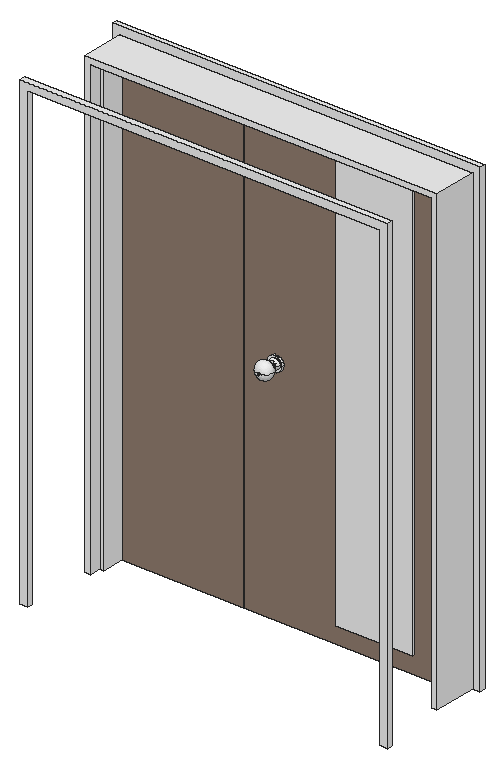
Revit family "0030_M_DR_W_MR_2단방화문_코어용_1도어", category 문, Revit 2026
Family settings
  호스트 = 벽
  항상 수직 = 예
  로드될 때 보이드를 사용하여 절단 = 아니오
  공유 = 아니오
  룸 계산 점 = 아니오
Parameters (values of type "900x2100")
  기능 = 내부
  swing_angle [instance] = 90.00°
  decoration_material = Metal_door_frame
  Seond_door_panel_width = Second_door_width - 25 mm  # 575 mm
  Second_door_width = 600 mm
  Panel_Material = Panel_Door_frame
  Handel_Material = Metal_door_frame
  Frame_material = Metal_door_frame
  Frame Projection Ext. = 25 mm
  Frame Projection Int. = 25 mm
  Frame Width = 35 mm
  높이 = 2100 mm
  벽 마무리 = 호스트별
  폭 = 1600 mm
  Door_Panel_Width = 폭 - (Second_door_width) - 25 mm  # 975 mm
  Assembly Code = ""
Types (3, lengths in mm): name | decoration_material | Panel_Material | Handel_Material | Frame_material | 폭 | Door_Panel_Width
  1000x2100 | none | none | none | none | 1000 | 375
  900x2100 | Metal_door_frame | Panel_Door_frame | Metal_door_frame | Metal_door_frame | 1600 | 975
  1600x2100 | Metal_door_frame | Panel_Door_frame | Metal_door_frame | Metal_door_frame | 1600 | 975
Reference planes
  plane 1: y = 0
  plane 2 "Center (Left/Right)": x = 0
  plane 3 "Left": x = -800
  plane 4 "Right": x = 800
  plane 5: z = 2100
  plane 6 "Exterior": y = 250
  plane 7 "Interior": y = -250
  plane 8 "handle": z = 1050
  plane 9: x = -200
Forms (mm)
  Extrusion 1, solid, material "Metal_door_frame" <- "Frame_material"
    sketch origin (-3050, -250, 0) x (1, 0, 0) y (0, 0, 1)
      loop
        line (2215, 0) -> (2250, 0) -> (2250, 2100) -> (3850, 2100) -> (3850, 0) -> (3885, 0) -> (3885, 2135) -> (2215, 2135) -> (2215, 0)
    from 0 to 25
  Extrusion 2, solid, material "Metal_door_frame" <- "Frame_material"
    sketch origin (-3050, 250, 0) x (-1, 0, 0) y (0, 0, 1)
      loop
        line (-2250, 0) -> (-2215, 0) -> (-2215, 2135) -> (-3885, 2135) -> (-3885, 0) -> (-3850, 0) -> (-3850, 2100) -> (-2250, 2100) -> (-2250, 0)
    from 0 to 25
  Sweep 3, solid, material "Metal_door_frame" <- "Frame_material"
    path origin (0, 250, 0) x (1, 0, 0) y (0, 0, 1)
      loop
        line (800, 0) -> (800, 2100) -> (-800, 2100) -> (-800, 0)
    profile origin (800, 250, 1050) x (-1, 0, 0) y (0, -1, 0)
      loop
        line (45, 50) -> (45, 150) -> (25, 150) -> (25, 200) -> (0, 200) -> (0, 0) -> (25, 0) -> (25, 50) -> (45, 50)
  Extrusion 4, solid, material "Panel_Door_frame" <- "Panel_Material"
    sketch origin (-15, 250, 0) x (1, 0, 0) y (0, 0, 1)
      loop
        line (790, 2075) -> (-185, 2075) -> (-185, 0) -> (790, 0) -> (790, 2075)
    from 0 to 50
  Revolve 5, solid, material "Metal_door_frame" <- "Handel_Material"
    sketch origin (0, 0, 1050) x (1, 0, 0) y (0, 1, 0)
      loop
        line (-82.708, 250) -> (-50, 250) -> (-50, 344.095) -> (-57.578, 344.095) -> (-57.578, 349.095)
        arc (-57.578, 349.095) -> (-87.578, 319.095) -> (-57.578, 289.095) r 30
        line (-57.578, 289.095) -> (-57.578, 274.095) -> (-67.578, 274.095) -> (-72.708, 260) -> (-82.708, 260) -> (-82.708, 250)
      loop
        line (-82.708, 200) -> (-82.708, 190) -> (-72.708, 190) -> (-67.578, 175.905) -> (-57.578, 175.905) -> (-57.578, 160.905)
        arc (-57.578, 160.905) -> (-87.578, 130.905) -> (-57.578, 100.905) r 30
        line (-57.578, 100.905) -> (-57.578, 105.905) -> (-50, 105.905) -> (-50, 200) -> (-82.708, 200)
      axis (-50, 349.095) -> (-50, 100.905)
    angle from 0 to 360
  Extrusion 6, solid, material "Metal_door_frame" <- "decoration_material"
    sketch origin (0, 250, 0) x (1, 0, 0) y (0, 0, 1)
      loop
        line (225, 1995) -> (225, 80) -> (575, 80) -> (575, 1995) -> (225, 1995)
    from 0 to -5
  Extrusion 7, solid, material "Metal_door_frame" <- "decoration_material"
    sketch origin (0, 50, 0) x (1, 0, 0) y (0, 0, -1)
      loop
        line (225, -1995) -> (575, -1995) -> (575, -80) -> (225, -80) -> (225, -1995)
    from 150 to 145
  Extrusion 8, solid, material "Panel_Door_frame" <- "Panel_Material"
    sketch origin (0, 250, 0) x (1, 0, 0) y (0, 0, 1)
      loop
        line (-200, 2075) -> (-775, 2075) -> (-775, 0) -> (-200, 0) -> (-200, 2075)
    from 0 to 50
Lines and regions (mm)
  Opening 1
    outline origin (-3050, -250, 0) x (1, 0, 0) y (0, 0, 1)
      loop
        line (2250, 0) -> (3850, 0) -> (3850, 2100) -> (2250, 2100) -> (2250, 0)
  symbolic lines, style "Elevation Swing"
    curve 1: line (800, -250, 1050) -> (110.938, -250, 2100)
    curve 2: line (800, -250, 1050) -> (-800, -250, 0)
    curve 3: line (-800, 250, 0) -> (800, 250, 1050)
    curve 4: line (800, 250, 1050) -> (-800, 250, 3488.095)
  symbolic lines, style "Plan Swing"
    curve 5: line (725, 1225, 0) -> (725, 250, 0)
    curve 6: line (775, 1225, 0) -> (725, 1225, 0)
    curve 7: line (775, 250, 0) -> (775, 1225, 0)
    curve 8: line (725, 250, 0) -> (775, 250, 0)
    curve 9: arc (775, 1225, 0) -> (85.571, 939.429, 0) -> (-200, 250, 0) r 975
    curve 10: line (-775, 250, 0) -> (-725, 250, 0)
    curve 11: line (-775, 825, 0) -> (-775, 250, 0)
    curve 12: line (-725, 825, 0) -> (-775, 825, 0)
    curve 13: line (-725, 250, 0) -> (-725, 825, 0)
    curve 14: arc (-775, 825, 0) -> (-368.414, 656.586, 0) -> (-200, 250, 0) r 575
Text (mm)
  text "Exterior" at (-2295.016, 1099.543, 0), in view "Ref. Level"
  text "Exterior" at (0, 1615.38, 3698.081), in view "Left"
  text "Exterior" at (0, 1036.032, 3874.932), in view "Right"
Dimensions and locks
  equal spacing: plane 3 "Left", plane 2 "Center (Left/Right)", plane 4 "Right"
  "폭": plane 3 "Left" to plane 4 "Right"
  "높이": plane 5 to host wall
  equal spacing: host wall, curve 2, plane 5
  equal spacing: host wall, curve 4, plane 5
  "Frame Projection Ext.": Extrusion 2 to Extrusion 2
  "Frame Projection Int.": Extrusion 1 to Extrusion 1
  "Frame Width": plane 3 "Left" to Extrusion 1 sketch curve
  "Frame Width": plane 4 "Right" to Extrusion 1 sketch curve
  "Frame Width": Extrusion 1 sketch curve to plane 5
  "Frame Width": plane 4 "Right" to Extrusion 2 sketch curve
  "Frame Width": plane 3 "Left" to Extrusion 2 sketch curve
  "Frame Width": plane 5 to Extrusion 2 sketch curve
  locked: plane 6 "Exterior" to host wall at 0
  locked: plane 7 "Interior" to host wall
  locked: Sweep 3 sketch curve to Sweep 3 sketch curve at 200
  locked: Sweep 3 sketch curve to Sweep 3 sketch curve at 50
  locked: Sweep 3 sketch curve to Sweep 3 sketch curve at 100
  locked: curve 5 to curve 7 at 50
  "Door_Panel_Width": curve 8 to curve 6
  level to plane 5 = 2100 mm
  equal spacing: level, plane 8 "handle", plane 5
  locked: Extrusion 6 sketch curve to Extrusion 4 at 80
  locked: Extrusion 4 to Extrusion 6 sketch curve at 200
  locked: Extrusion 4 to Extrusion 6 sketch curve at 80
  locked: Extrusion 6 sketch curve to Extrusion 6 sketch curve at 350
  locked: Extrusion 7 sketch curve to Extrusion 7 sketch curve at 350
  locked: Extrusion 6 to Extrusion 4 at 5
  locked: Extrusion 7 to Extrusion 7 at 5
  "Second_door_width": plane 3 "Left" to plane 9
  locked: plane 9 to Revolve 5 sketch curve at 150
  locked: curve 11 to curve 13 at 50
  "Seond_door_panel_width": plane 6 "Exterior" to curve 12
  aligned and locked: plane 3 "Left" to Opening 1 sketch curve
  aligned and locked: plane 5 to Opening 1 sketch curve  (x2)
  aligned and locked: Opening 1 sketch curve to plane 4 "Right"
  aligned and locked: Opening 1 sketch curve to level
  aligned and locked: level to Extrusion 1 sketch curve
  aligned and locked: plane 5 to Extrusion 1 sketch curve  (x2)
  aligned and locked: Extrusion 1 sketch curve to plane 4 "Right"
  aligned and locked: plane 3 "Left" to Extrusion 1 sketch curve
  aligned and locked: plane 3 "Left" to Extrusion 2 sketch curve
  aligned and locked: plane 5 to Extrusion 2 sketch curve  (x2)
  aligned and locked: level to Extrusion 2 sketch curve
  aligned and locked: plane 5 to curve 1
  aligned and locked: plane 3 "Left" to curve 2
  aligned and locked: plane 1 to host wall
  aligned and locked: Extrusion 4 to plane 6 "Exterior"
  aligned and locked: Extrusion 6 to Extrusion 4
  aligned and locked: Extrusion 7 to Extrusion 4
  aligned and locked: Extrusion 6 to Extrusion 7
  aligned and locked: Revolve 5 sketch curve to Extrusion 4
  aligned and locked: Sweep 3 to Extrusion 4
  aligned and locked: Extrusion 4 to plane 9
  aligned and locked: Revolve 5 sketch curve to Revolve 5 sketch curve  (x2)
  aligned and locked: Extrusion 4 to Extrusion 8 sketch curve
  aligned and locked: Extrusion 8 sketch curve to Sweep 3  (x2)
  aligned and locked: Extrusion 8 sketch curve to Extrusion 4
  aligned and locked: Extrusion 8 sketch curve to plane 9
Automatic sketch dimensions
  curve 4 to plane 3 "Left" = 0 mm
  curve 3 to level = 0 mm
  curve 2 to level = 0 mm
  curve 3 to plane 3 "Left" = 0 mm
  curve 3 to plane 4 "Right" = 0 mm
  curve 2 to plane 4 "Right" = 0 mm
  Extrusion 1 sketch curve to level = 0 mm
  Extrusion 2 sketch curve to plane 4 "Right" = 0 mm
  Extrusion 2 sketch curve to level = 0 mm
  Sweep 3 sketch curve to plane 3 "Left" = 0 mm
  Sweep 3 sketch curve to plane 4 "Right" = 0 mm
  Sweep 3 sketch curve to level = 0 mm  (x2)
  Sweep 3 sketch curve to plane 5 = 0 mm
  Sweep 3 sketch curve to plane 6 "Exterior" = 0 mm
  Sweep 3 sketch curve to profile plane = 0 mm
  Sweep 3 sketch curve to Sweep 3 sketch curve = 25 mm  (x2)
  Sweep 3 sketch curve to Sweep 3 sketch curve = 20 mm
  Extrusion 4 sketch curve to level = 0 mm
  Extrusion 4 sketch curve to plane 3 "Left" = 600 mm
  plane 4 "Right" to Extrusion 4 sketch curve = 25 mm
  plane 5 to Extrusion 4 sketch curve = 25 mm
  plane 2 "Center (Left/Right)" to Extrusion 7 sketch curve = 225 mm
  plane 5 to Extrusion 7 sketch curve = 105 mm
  level to Extrusion 7 sketch curve = 80 mm
  Revolve 5 sketch curve to host wall = 0 mm
  host wall to Revolve 5 sketch curve = 24.095 mm
  Revolve 5 sketch curve to Revolve 5 sketch curve = 10 mm  (x5)
  Revolve 5 sketch curve to Revolve 5 sketch curve = 5.13 mm  (x2)
  Revolve 5 sketch curve to Revolve 5 sketch curve = 22.708 mm
  Revolve 5 sketch curve to Revolve 5 sketch curve = 7.578 mm
  Revolve 5 sketch curve to Revolve 5 sketch curve = 25 mm
  Revolve 5 sketch curve to Revolve 5 sketch curve = 5 mm  (x2)
  host wall to Revolve 5 sketch curve = 171.598 mm
  Revolve 5 sketch curve to Revolve 5 sketch curve = 15 mm  (x2)
  Revolve 5 sketch curve to Revolve 5 sketch curve = 14.095 mm
  host wall to Revolve 5 sketch curve = 10 mm
  Revolve 5 sketch curve to Revolve 5 sketch curve = 30 mm
  Revolve 5 sketch curve to Revolve 5 sketch curve = 164.306 mm
  curve 10 to host wall = 0 mm
  curve 9 to host wall = 0 mm
  curve 9 to plane 9 = 0 mm
  curve 14 to plane 9 = 0 mm
  curve 5 to host wall = 0 mm
